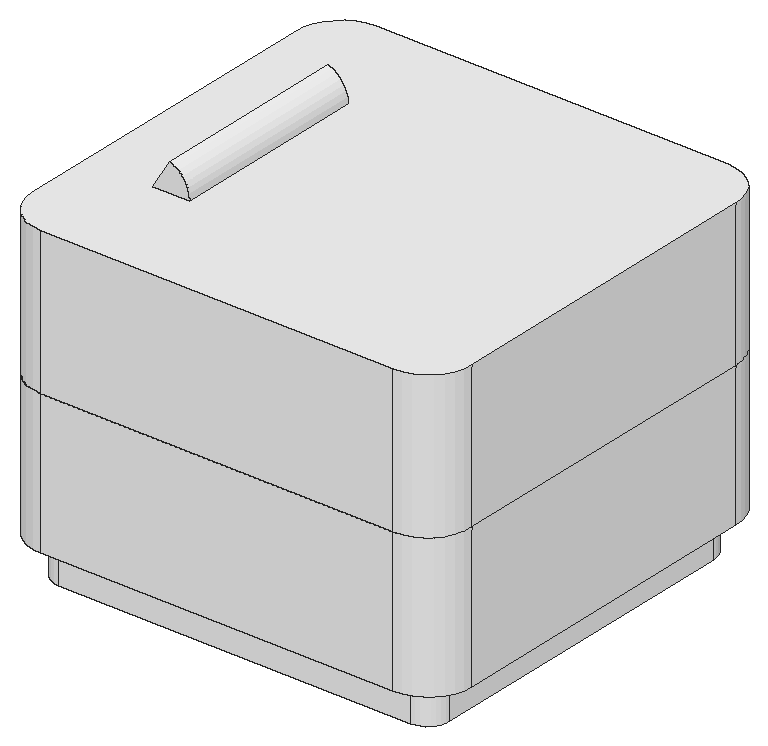
Revit family "Gira_041430", category Electrical Fixtures, host Face, Revit 2017
Family settings
  Host = Face
  Maintain Annotation Orientation = Yes
  Round Connector Dimension = Use Diameter
  Part Type = Normal
  Cut with Voids When Loaded = No
  Shared = No
  Room Calculation Point = No
Parameters (values of type "SCHUKO HC + SH WP surface-mounted grey")
  With signal lamp = "No"
  With orientation lighting = "No"
  With on/off switch = "No"
  With miniature fuse = "No"
  With loop through function = "No"
  With hinged lid = "Yes"
  With function lighting = "No"
  With child-protection = "Yes"
  With built-in USB power supply = "No"
  URL = "http://katalog.gira.de/en/datenblatt.html?artikelnr=041430"
  Type of fastening = "Mounting with screw"
  Transparent = "No"
  Surface protection = "Other"
  Suitable for degree of protection (IP) = "IP44"
  Special power supply = "No special power supply"
  Rotated central insert = "No"
  Protective earth pin round = "No"
  Protective contact = "Yes"
  Over voltage protection = "No"
  Number of units = "1"
  Number of socket outlets switchable = "0"
  Number of modules (module system) = "1"
  Nominal voltage = "250"
  Nominal current = "16"
  Name = "SCHUKO HC + SH WP surface-mounted grey"
  Mounting method = "Surface mounted (plaster)"
  Model = "Protective contact (SCHUKO)"
  Material quality = "Other"
  Material = "Other"
  Manufacturer URL = "https://www.gira.de/"
  Manufacturer = "Gira"
  Lockable = "No"
  Label space/information surface = "No"
  Keynote = ""
  Insulated mounting = "No"
  Imprint/indication = "Without imprint"
  HeinzeBIM = "https://bimportal.heinze.de/bim/schuko-hc-sh-wp-surface-mounted-grey/28455d546e3aa69d17cffbf16e2409d6892a7800"
  Halogen free = "No"
  HAN = "041430"
  GTIN = "4010337017387"
  Für "erschwerte Bedingungen" (nach VDE) (*de-DE) = "No"
  Fault current protection = "No"
  Eject-mechanism = "No"
  Description = "SCHUKO HC SH WP SM GY,SCHUKO socket outlet 16 A 250 V~ hinged cover, integrated increased contact protection (shutter) and symbol ,,grey,Notes :,- Increased contact protection pursuant to DIN-VDE 0620-1."
  Default Elevation = 1219.2 mm
  Data sheet (1) = "https://katalog.gira.de/en/download.html?artikelnr=041430"
  Connection type = "Plug clamp"
  Colour = "Grey"
  Category = "Socket outlet"
  BIM (1) = "https://media.stage.bim.site/public/gira/36a6b08/IP44_Komplettgerät_Steckdose.rfa?public/gira/36a6b08/IP44_Komplettgerät_Steckdose.rfa"
  Available = "No"
  Antibacterial treatment = "No"
Reference planes
  plane 1 "Center (Front/Back)": y = 0
  plane 2: z = 0
  plane 3 "Center (Left/Right)": x = 0
Forms (mm)
  Extrusion 1, solid, material "White", detail levels fine
    sketch origin (41, 0, 0) x (1, 0, 0) y (0, 1, 0)
      loop
        line (-9, 38) -> (-73, 38)
        arc (-73, 38) -> (-78.657, 35.657) -> (-81, 30) r 8
        line (-81, 30) -> (-81, -30)
        arc (-81, -30) -> (-78.657, -35.657) -> (-73, -38) r 8
        line (-73, -38) -> (-9, -38)
        arc (-9, -38) -> (-3.343, -35.657) -> (-1, -30) r 8
        line (-1, -30) -> (-1, 30)
        arc (-1, 30) -> (-3.343, 35.657) -> (-9, 38) r 8
    from 0 to 26
  Extrusion 2, solid, material "White", detail levels fine
    sketch origin (41, 0, 0) x (1, 0, 0) y (0, 1, 0)
      loop
        line (-9, 38) -> (-73, 38)
        arc (-73, 38) -> (-78.657, 35.657) -> (-81, 30) r 8
        line (-81, 30) -> (-81, -30)
        arc (-81, -30) -> (-78.657, -35.657) -> (-73, -38) r 8
        line (-73, -38) -> (-9, -38)
        arc (-9, -38) -> (-3.343, -35.657) -> (-1, -30) r 8
        line (-1, -30) -> (-1, 30)
        arc (-1, 30) -> (-3.343, 35.657) -> (-9, 38) r 8
    from 26 to 52.5
  Extrusion 3, solid, material "White", detail levels fine
    sketch origin (41, 0, 0) x (1, 0, 0) y (0, 0, 1)
      loop
        line (-68.7, 52.5) -> (-62.067, 52.5)
        arc (-62.067, 52.5) -> (-63.019, 55.628) -> (-65.7, 57.5) r 5
        line (-65.7, 57.5) -> (-68.7, 52.5)
    from 18 to -18
  Extrusion 4, solid, material "White", detail levels medium
    sketch origin (41, -5.734, 0) x (1, 0, 0) y (0, 1, 0)
      loop
        line (-9, 43.734) -> (-73, 43.734)
        arc (-73, 43.734) -> (-78.657, 41.391) -> (-81, 35.734) r 8
        line (-81, 35.734) -> (-81, -24.266)
        arc (-81, -24.266) -> (-78.657, -29.923) -> (-73, -32.266) r 8
        line (-73, -32.266) -> (-9, -32.266)
        arc (-9, -32.266) -> (-3.343, -29.923) -> (-1, -24.266) r 8
        line (-1, -24.266) -> (-1, 35.734)
        arc (-1, 35.734) -> (-3.343, 41.391) -> (-9, 43.734) r 8
    from 0 to 52.5
  Extrusion 5, solid, material "White", detail levels medium
    sketch origin (41, 0, 0) x (1, 0, 0) y (0, 0, 1)
      loop
        line (-68.7, 57.5) -> (-68.7, 52.5) -> (-62.067, 52.5) -> (-62.067, 57.5) -> (-68.7, 57.5)
    from -18 to 18
  Extrusion 6, solid, material "White", detail levels coarse
    sketch origin (41, 0, 0) x (1, 0, 0) y (0, 1, 0)
      loop
        line (-1, 38) -> (-81, 38) -> (-81, -38) -> (-1, -38) -> (-1, 38)
    from -7 to 57.5
  Extrusion 7, solid, material "White", detail levels medium+fine
    sketch origin (41, 0, 0) x (1, 0, 0) y (0, 1, 0)
      loop
        line (-9, 34) -> (-73, 34)
        arc (-73, 34) -> (-75.828, 32.828) -> (-77, 30) r 4
        line (-77, 30) -> (-77, -30)
        arc (-77, -30) -> (-75.828, -32.828) -> (-73, -34) r 4
        line (-73, -34) -> (-9, -34)
        arc (-9, -34) -> (-6.172, -32.828) -> (-5, -30) r 4
        line (-5, -30) -> (-5, 30)
        arc (-5, 30) -> (-6.172, 32.828) -> (-9, 34) r 4
    from 0 to -7
Dimensions and locks
  Extrusion 6 to plane 3 "Center (Left/Right)" to Extrusion 6 = 40 mm, 40 mm
  aligned and locked: plane 2 to host face
  aligned and locked: level to host face
  aligned and locked: plane 3 "Center (Left/Right)" to nested 1
  aligned and locked: plane 1 "Center (Front/Back)" to nested 1
Nested families
  nested 1: "Steckdose 1-fach Beschriftung" at (0, 0, 0), type "Steckdose 1-fach Beschriftung"
Connectors
  electrical at (0, 0, -7)
    settings: on Extrusion 7, index 1, voltage 220 V, apparent load 0 VA, apparent load phase1 0 VA, apparent load phase2 0 VA, apparent load phase3 0 VA, power factor 1, load classification "Other", number of poles 1, system type 31, power factor state 1, is connector primary yes, connector utility no, sub classification motor no, connector description ""
Definition of nested family "Steckdose 1-fach Beschriftung"
  Reference planes
    plane 1: y = 0
    plane 2: x = 0
  Lines and regions (mm)
    detail lines
      curve 1: line (0, 0, 0) -> (0, 2, 0)
      curve 3: line (0, 2, 0) -> (-1, 2, 0)
      curve 4: arc (1, 3, 0) -> (0, 2, 0) -> (-1, 3, 0) r 1
      curve 5: line (0, 2, 0) -> (1, 2, 0)
    reference lines
      curve 2: line (-0.485, 3, 0) -> (2.315, 3, 0)
  Dimensions and locks
    curve 1 to curve 1 = 2 mm
    plane 1 to curve 2 = 3 mm
    curve 3 to curve 3 = 1 mm
